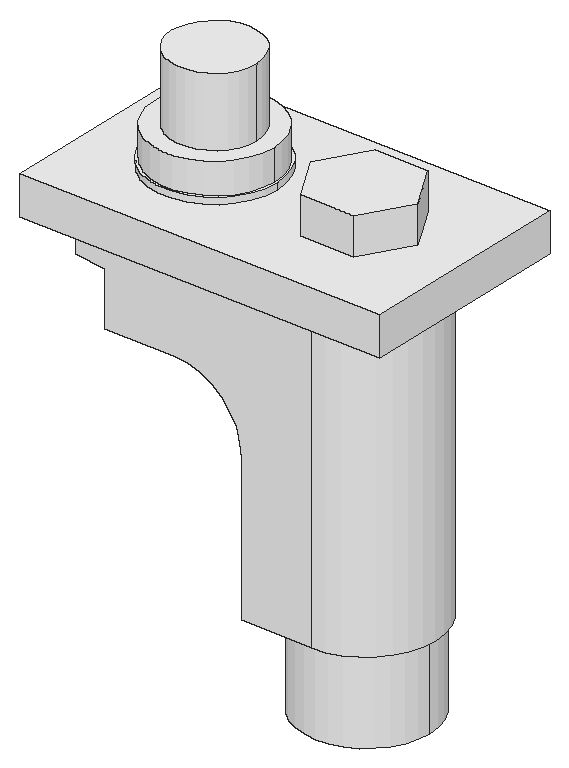
Revit family "Plumbing Fixture-Wall and Ground_Hydrant_Mifab_MHY-30", category Plumbing Fixtures, host Face, Revit 2013
Parameters
  Wall Thikness = 3.500"
  WFU = 0
  URL = "www.mifab.com"
  Model = "MHY-30"
  Manufacturer = "MIFAB"
  Hydrant Material = Chrome Plated
  Description = "Moderate Climate Wall Hydrant"
  Default Elevation = 0.000"
Reference planes (in)
  plane 1 "Center (Front/Back)": y = 0
  plane 2: z = 0
  plane 3 "Center (Left/Right)": x = 0
  plane 4: z = -6.364
  plane 5: z = -1.864
  plane 6: z = -5.364
Forms (in)
  Extrusion 1, solid, material "Chrome Plated" <- "Hydrant Material"
    sketch origin (-0.41379, 0, -10.36788) x (1, 0, 0) y (0, 1, 0)
      loop
        circle (1.38, 0) r 0.75
    from 4.00388 to 5.00388
  Extrusion 2, solid, material "Chrome Plated" <- "Hydrant Material"
    sketch origin (-0.41379, 0, -18.00514) x (1, 0, 0) y (0, 1, 0)
      loop
        arc (1.38, -0.8125) -> (2.1925, 0) -> (1.38, 0.8125) r 0.8125
        line (1.38, 0.8125) -> (1.38, -0.8125)
    from 12.64114 to 16.30514
  Extrusion 3, solid, material "Chrome Plated" <- "Hydrant Material"
    sketch origin (-0.41379, 0, -18.00514) x (1, 0, 0) y (0, 0, 1)
      loop
        line (-1.398, 16.30514) -> (-1.398, 15.83003) -> (-1.055, 15.78703) -> (-1.055, 15.1529) -> (-0.24047, 15.1529)
        arc (-0.24047, 15.1529) -> (0.31997, 14.92075) -> (0.55211, 14.36031) r 0.79258
        line (0.55211, 14.36031) -> (0.55211, 12.64114) -> (1.38, 12.64114) -> (1.38, 16.30514) -> (-1.398, 16.30514)
    from -0.8125 to 0.8125
  Extrusion 4, solid, material "Chrome Plated" <- "Hydrant Material"
    sketch origin (-0.41379, 0, -10.36788) x (1, 0, 0) y (0, 1, 0)
      loop
        line (-1.71121, -1.25) -> (2.53879, -1.25) -> (2.53879, 1.25) -> (-1.71121, 1.25) -> (-1.71121, -1.25)
    from 8.66788 to 9.11788
  Extrusion 5, solid, material "Chrome Plated" <- "Hydrant Material"
    sketch origin (-0.44319, 0, -17.55514) x (1, 0, 0) y (0, 1, 0)
      loop
        circle (-0.38412, 0) r 0.739
    from 16.30514 to 16.37894
  Extrusion 6, solid, material "Chrome Plated" <- "Hydrant Material"
    sketch origin (-0.44319, 0, -17.55514) x (1, 0, 0) y (0, 1, 0)
      loop
        circle (-0.38412, 0) r 0.70723
    from 16.37894 to 16.74065
  Extrusion 7, solid, material "Chrome Plated" <- "Hydrant Material"
    sketch origin (-0.44319, 0, -17.55514) x (1, 0, 0) y (0, 1, 0)
      loop
        circle (-0.38412, 0) r 0.5
    from 16.74065 to 17.55514
  Extrusion 8, solid, material "Chrome Plated" <- "Hydrant Material"
    sketch origin (-0.44319, 0, -17.55514) x (1, 0, 0) y (0, 1, 0)
      loop
        line (0.7505, 0) -> (1.06525, -0.54516) -> (1.69475, -0.54516) -> (2.0095, 0) -> (1.69475, 0.54516) -> (1.06525, 0.54516) -> (0.7505, 0)
    from 16.30514 to 16.74065
Cuts and joins
  joined: Extrusion 1, Extrusion 2, Extrusion 3, Extrusion 4, Extrusion 5, Extrusion 6, Extrusion 7, Extrusion 8
Lines and regions (in)
  symbolic lines, style "PlumbingFixtures"
    curve 1: line (-2.125, 1.0625, 0) -> (2.125, 1.0625, 0)
    curve 2: line (-2.125, -1.4375, 0) -> (-2.125, 1.0625, 0)
    curve 3: line (2.125, -1.4375, 0) -> (-2.125, -1.4375, 0)
    curve 4: line (2.125, 1.0625, 0) -> (2.125, -1.4375, 0)
Dimensions and locks (in)
  "Wall Thikness": plane 5 to plane 6
  curve 2 to curve 4 = 4.250"  (x2)
  curve 4 to curve 2 = 4.250"
  locked: cut or joined group 1 (Extrusion 1, Extrusion 2, Extrusion 3, Extrusion 4, Extrusion 5, Extrusion 6, Extrusion 7, Extrusion 8) to cut or joined group 1 at 0.45
  Extrusion 4 sketch curve to Extrusion 4 sketch curve = 4.250"
  Extrusion 4 sketch curve to plane 1 "Center (Front/Back)" to Extrusion 4 sketch curve = 1.250", 1.250"
  plane 6 to plane 4 = 1.000"
  aligned and locked: plane 2 to host face
  aligned and locked: level to host face
  aligned and locked: Extrusion 3 to Extrusion 1
  aligned and locked: Extrusion 2 to Extrusion 1
  aligned and locked: Extrusion 3 to Extrusion 2
  aligned and locked: Extrusion 1 to plane 4
  aligned and locked: Extrusion 2 to plane 6
  aligned and locked: Extrusion 5 to Extrusion 8
  aligned and locked: Extrusion 6 to Extrusion 5
  aligned and locked: Extrusion 6 to Extrusion 7
  aligned and locked: Extrusion 7 to Extrusion 8
  aligned and locked: Extrusion 8 to Extrusion 6
  aligned and locked: Extrusion 2 to Extrusion 3
  aligned and locked: Extrusion 4 to Extrusion 2
  aligned and locked: Extrusion 4 to Extrusion 5
  aligned and locked: Extrusion 8 to cut or joined group 1
  aligned and locked: Extrusion 5 to cut or joined group 1
  aligned and locked: level to Extrusion 7
Automatic sketch dimensions
  host sketch curve to host sketch curve = 20.58785"
  host sketch curve to host sketch curve = 16.42037"
  plane 1 "Center (Front/Back)" to Extrusion 1 sketch curve = 0.000"
  plane 3 "Center (Left/Right)" to Extrusion 1 sketch curve = 0.96621"
  plane 3 "Center (Left/Right)" to Extrusion 2 sketch curve = 0.96621"
  plane 1 "Center (Front/Back)" to Extrusion 2 sketch curve = 0.8125"
  plane 1 "Center (Front/Back)" to Extrusion 2 sketch curve = 0.000"
  Extrusion 3 sketch curve to plane 6 = 0.000"
  plane 5 to Extrusion 3 sketch curve = 0.164"
  Extrusion 3 sketch curve to plane 3 "Center (Left/Right)" = 1.81179"
  plane 3 "Center (Left/Right)" to Extrusion 3 sketch curve = 0.13832"
  plane 6 to Extrusion 3 sketch curve = 1.71917"
  Extrusion 3 sketch curve to Extrusion 3 sketch curve = 0.343"
  Extrusion 3 sketch curve to plane 3 "Center (Left/Right)" = 0.65426"
  plane 3 "Center (Left/Right)" to Extrusion 3 sketch curve = 0.96621"
  Extrusion 3 sketch curve to plane 5 = 0.35411"
  Extrusion 3 sketch curve to plane 5 = 0.31111"
  Extrusion 4 sketch curve to plane 3 "Center (Left/Right)" = 2.125"
  plane 1 "Center (Front/Back)" to Extrusion 5 sketch curve = 0.000"
  Extrusion 5 sketch curve to plane 3 "Center (Left/Right)" = 0.82731"
  plane 1 "Center (Front/Back)" to Extrusion 6 sketch curve = 0.000"
  Extrusion 6 sketch curve to plane 3 "Center (Left/Right)" = 0.82731"
  plane 1 "Center (Front/Back)" to Extrusion 7 sketch curve = 0.000"
  Extrusion 7 sketch curve to plane 3 "Center (Left/Right)" = 0.82731"
  plane 1 "Center (Front/Back)" to Extrusion 8 sketch curve = 0.000"  (x2)
  plane 3 "Center (Left/Right)" to Extrusion 8 sketch curve = 0.30731"
  plane 1 "Center (Front/Back)" to Extrusion 8 sketch curve = 0.54516"
  plane 3 "Center (Left/Right)" to Extrusion 8 sketch curve = 0.62206"  (x2)
  Extrusion 8 sketch curve to plane 1 "Center (Front/Back)" = 0.54516"
  Extrusion 8 sketch curve to Extrusion 8 sketch curve = 0.6295"  (x2)
  Extrusion 8 sketch curve to Extrusion 8 sketch curve = 0.31475"
  curve 1 to plane 1 "Center (Front/Back)" = 1.0625"
  curve 1 to plane 3 "Center (Left/Right)" = 2.125"
  plane 1 "Center (Front/Back)" to curve 4 = 1.4375"
  radius of Extrusion 1 sketch curve = 0.750"
  radius of Extrusion 5 sketch curve = 0.739"
  radius of Extrusion 6 sketch curve = 0.70723"
  radius of Extrusion 7 sketch curve = 0.500"
Connectors (in)
  piping at (0.96621, 0, -6.364)
    settings: on cut or joined group 1, index 2, connector radius 3/4", flow factor 0, pipe flow 0 GPM, pressure drop 0.00 psi, fitting loss kfactor 0, connector angle 0.00°, fixture units 0, engagement length 0.000", flow configuration 0, flow direction 0, fitting loss method 0, system type 7, joint type 0, gender type 0, connector reference index -1, connector utility 0, adjustable connector no, is connector primary yes, fitting loss table "", connector description "Inlet"
  piping at (-0.82731, 0, 0)
    settings: on cut or joined group 1, index 3, connector radius 3/8", flow factor 0, pipe flow 0 GPM, pressure drop 0.00 psi, fitting loss kfactor 0, connector angle 0.00°, fixture units 0, engagement length 0.000", flow configuration 0, flow direction 0, fitting loss method 0, system type 7, joint type 0, gender type 0, connector reference index -1, connector utility 0, adjustable connector no, is connector primary no, fitting loss table "", connector description "Male Hose"
